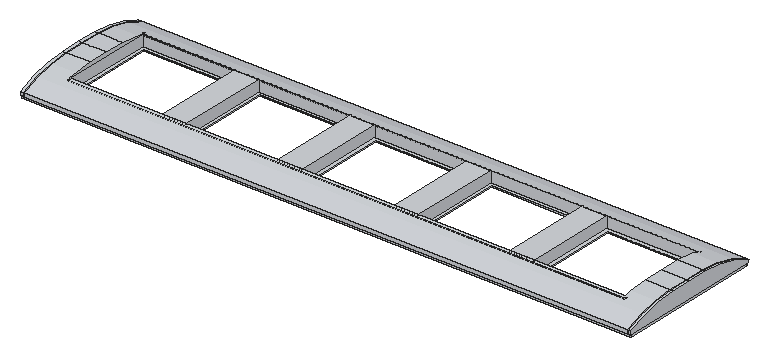
Revit family "Gira_0215334", category Electrical Fixtures, host Face, Revit 2017
Family settings
  Host = Face
  Maintain Annotation Orientation = No
  Round Connector Dimension = Use Diameter
  Part Type = Normal
  Cut with Voids When Loaded = No
  Shared = No
  Room Calculation Point = No
Parameters (values of type "Abdeckrahmen 5f Zwischenr. RW Gira Event Opak Weiß")
  Werkstoffgüte = "Thermoplast"
  Werkstoff = "Kunststoff"
  URL = "http://katalog.gira.de/de_DE/datenblatt.html?artikelnr=0215334"
  Transparent = "No"
  Textfeld/Beschriftungsfläche = "No"
  Schutzart (IP) = "IP20"
  Region = "DE"
  Oberfläche = "sonstige"
  Name = "Abdeckrahmen 5f Zwischenr. RW Gira Event Opak Weiß"
  Montagerichtung = "horizontal und vertikal"
  Mit Montagerahmen = "No"
  Mit Klappdeckel = "No"
  Manufacturer URL = "https://www.gira.de/"
  Keynote = "Event_Rahmen_5fach"
  HeinzeBIM = "https://bimportal.heinze.de/bim/abdeckrahmen-5f-zwischenr-rw-gira-event-opak-weiss/3b5b4f8adca940cb240f8977ca9ee91a15884096"
  Halogenfrei = "Yes"
  HAN = "0215334"
  Geeignet für Unterputz-Installation = "Yes"
  Geeignet für Unterflurkanaldose = "No"
  Geeignet für Geräteeinbaukanal = "No"
  Geeignet für Einbauinstallation = "No"
  GTIN = "4010337074410"
  Farbe = "weiß"
  Default Elevation = 1219.2 mm
  Data sheet (1) = "https://katalog.gira.de/de_DE/download.html?artikelnr=0215334"
  Category = "Abdeckrahmen"
  Befestigungsart = "Klemmbefestigung"
  Available = "Yes"
  Anzahl der Einheiten vertikal = "5 "
  Anzahl der Einheiten horizontal = "5 "
  Anzahl der Einheiten = "5 "
Reference planes
  plane 1 "Center (Front/Back)": y = 0
  plane 2: z = 0
  plane 3 "Center (Left/Right)": x = 0
Forms (mm)
  Extrusion 1, solid, detail levels fine
    sketch origin (0, 0, 0.05) x (0, 1, 0) y (0, 0, 1)
      loop
        arc (12.445, 9.683) -> (6.223, 9.833) -> (0, 9.85) r 291.636
        arc (0, 9.85) -> (-6.223, 9.833) -> (-12.445, 9.683) r 291.636
        arc (-12.445, 9.683) -> (-29.14, 7.482) -> (-45, 1.823) r 79.728
        line (-45, 1.823) -> (-45, -0.05) -> (-42.086, -0.05)
        arc (-42.086, -0.05) -> (-21.385, 5.559) -> (0, 7.206) r 114.424
        arc (0, 7.206) -> (21.385, 5.559) -> (42.086, -0.05) r 114.424
        line (42.086, -0.05) -> (45, -0.05) -> (45, 1.823)
        arc (45, 1.823) -> (29.14, 7.482) -> (12.445, 9.683) r 79.728
    from -185.578 to 185.593
  Extrusion 2, void, detail levels fine
    sketch origin (0, 0, 0) x (1, 0, 0) y (0, 1, 0)
      loop
        line (170.607, 28) -> (-170.593, 28) -> (-170.593, -28) -> (170.607, -28) -> (170.607, 28)
    from 0.724 to 11
  Extrusion 3, solid, detail levels coarse
    sketch origin (0, 0, 0) x (1, 0, 0) y (0, 1, 0)
      loop
        line (-187.578, 45) -> (-187.578, -45) -> (187.593, -45) -> (187.593, 45) -> (-187.578, 45)
    from -1.5 to 9.9
  Extrusion 4, solid, detail levels medium
    sketch origin (0, 0, 0.05) x (0, 1, 0) y (0, 0, 1)
      loop
        arc (12.445, 9.683) -> (6.223, 9.833) -> (0, 9.85) r 291.636
        arc (0, 9.85) -> (-6.223, 9.833) -> (-12.445, 9.683) r 291.636
        arc (-12.445, 9.683) -> (-29.14, 7.482) -> (-45, 1.823) r 79.728
        line (-45, 1.823) -> (-45, -0.05) -> (45, -0.05) -> (45, 1.823)
        arc (45, 1.823) -> (29.14, 7.482) -> (12.445, 9.683) r 79.728
    from -187.578 to 187.593
  Extrusion 5, solid, detail levels fine
    sketch origin (-142.578, 0, -1.5) x (0, 1, 0) y (0, 0, -1)
      loop
        line (45, -3.373) -> (45, -1.5) -> (-45, -1.5) -> (-45, -3.373)
        arc (-45, -3.373) -> (-29.14, -9.032) -> (-12.445, -11.233) r 79.728
        arc (-12.445, -11.233) -> (-6.223, -11.383) -> (0, -11.4) r 291.636
        arc (0, -11.4) -> (6.223, -11.383) -> (12.445, -11.233) r 291.636
        arc (12.445, -11.233) -> (29.14, -9.032) -> (45, -3.373) r 79.728
    from 43 to 45
  Extrusion 6, solid, detail levels fine
    sketch origin (0, 0, 0) x (1, 0, 0) y (0, 1, 0)
      loop
        line (-168.493, 25.7) -> (-168.493, -25.7) -> (-116.693, -25.7) -> (-116.693, 25.7) -> (-168.493, 25.7)
      loop
        line (-45.398, -25.7) -> (-45.398, 25.7) -> (-97.198, 25.7) -> (-97.198, -25.7) -> (-45.398, -25.7)
      loop
        line (-171.487, 28.49) -> (-171.487, -28.495)
        spline (-171.487, -28.495) -> (-171.479, -28.625) -> (-171.453, -28.754) -> (-171.411, -28.878) -> (-171.353, -28.995) -> (-171.281, -29.104) -> (-171.194, -29.202) -> (-171.096, -29.288) -> (-170.987, -29.361) -> (-170.87, -29.419) -> (-170.746, -29.461) -> (-170.618, -29.486) -> (-170.487, -29.495)
        line (-170.487, -29.495) -> (170.502, -29.495)
        spline (170.502, -29.495) -> (170.633, -29.486) -> (170.761, -29.461) -> (170.885, -29.419) -> (171.002, -29.361) -> (171.111, -29.288) -> (171.209, -29.202) -> (171.296, -29.104) -> (171.368, -28.995) -> (171.426, -28.878) -> (171.468, -28.754) -> (171.494, -28.625) -> (171.502, -28.495)
        line (171.502, -28.495) -> (171.502, 28.49)
        spline (171.502, 28.49) -> (171.494, 28.62) -> (171.468, 28.748) -> (171.426, 28.872) -> (171.368, 28.99) -> (171.296, 29.098) -> (171.209, 29.197) -> (171.111, 29.283) -> (171.002, 29.356) -> (170.885, 29.413) -> (170.761, 29.456) -> (170.633, 29.481) -> (170.502, 29.49)
        line (170.502, 29.49) -> (-170.487, 29.49)
        spline (-170.487, 29.49) -> (-170.618, 29.481) -> (-170.746, 29.456) -> (-170.87, 29.413) -> (-170.987, 29.356) -> (-171.096, 29.283) -> (-171.194, 29.197) -> (-171.281, 29.098) -> (-171.353, 28.99) -> (-171.411, 28.872) -> (-171.453, 28.748) -> (-171.479, 28.62) -> (-171.487, 28.49)
      loop
        line (25.902, -25.7) -> (25.902, 25.7) -> (-25.898, 25.7) -> (-25.898, -25.7) -> (25.902, -25.7)
      loop
        line (97.207, -25.7) -> (97.207, 25.7) -> (45.407, 25.7) -> (45.407, -25.7) -> (97.207, -25.7)
      loop
        line (168.507, -25.7) -> (168.507, 25.7) -> (116.707, 25.7) -> (116.707, -25.7) -> (168.507, -25.7)
    from 0.1 to 7.3
  Extrusion 7, solid
    sketch origin (0, 0, 0) x (1, 0, 0) y (0, 1, 0)
      loop
        arc (-187.293, -44.218) -> (-187.146, -44.572) -> (-186.793, -44.718) r 0.5
        line (-186.793, -44.718) -> (186.807, -44.718)
        arc (186.807, -44.718) -> (187.161, -44.572) -> (187.307, -44.218) r 0.5
        line (187.307, -44.218) -> (187.307, 44.182)
        arc (187.307, 44.182) -> (187.161, 44.535) -> (186.807, 44.682) r 0.5
        line (186.807, 44.682) -> (-186.793, 44.682)
        arc (-186.793, 44.682) -> (-187.146, 44.535) -> (-187.293, 44.182) r 0.5
        line (-187.293, 44.182) -> (-187.293, -44.218)
      loop
        line (-185.593, 42.982) -> (-185.593, -43.018) -> (185.607, -43.018) -> (185.607, 42.982) -> (-185.593, 42.982)
    from -1.5 to 0.5
  Extrusion 8, solid, detail levels fine
    sketch origin (142.593, 0, -1.5) x (0, 1, 0) y (0, 0, 1)
      loop
        arc (45, 3.373) -> (29.14, 9.032) -> (12.445, 11.233) r 79.728
        arc (12.445, 11.233) -> (6.223, 11.383) -> (0, 11.4) r 291.636
        arc (0, 11.4) -> (-6.223, 11.383) -> (-12.445, 11.233) r 291.636
        arc (-12.445, 11.233) -> (-29.14, 9.032) -> (-45, 3.373) r 79.728
        line (-45, 3.373) -> (-45, 1.5) -> (45, 1.5) -> (45, 3.373)
    from 43 to 45
  Extrusion 9, solid, detail levels medium
    sketch origin (0, 0, 0) x (1, 0, 0) y (0, 1, 0)
      loop
        line (-187.293, -44.718) -> (187.307, -44.718) -> (187.307, 44.682) -> (-187.293, 44.682) -> (-187.293, -44.718)
    from -1.5 to 0.5
  Extrusion 10, solid, detail levels fine
    sketch origin (-105.5, 0, 0) x (1, 0, 0) y (0, 1, 0)
      loop
        line (-8.943, 28.063) -> (-8.943, -27.937) -> (6.057, -27.937) -> (6.057, 28.063) -> (-8.943, 28.063)
    from 0.724 to 7.566
  Extrusion 11, solid, detail levels fine
    sketch origin (-37.085, 0, 0) x (-1, 0, 0) y (0, -1, 0)
      loop
        line (-8.943, -28.063) -> (6.057, -28.063) -> (6.057, 27.937) -> (-8.943, 27.937) -> (-8.943, -28.063)
    from 0.724 to 7.566
  Extrusion 12, solid, detail levels fine
    sketch origin (105.5, 0, 0) x (-1, 0, 0) y (0, -1, 0)
      loop
        line (-8.943, -28.063) -> (6.057, -28.063) -> (6.057, 27.937) -> (-8.943, 27.937) -> (-8.943, -28.063)
    from 0.724 to 7.566
  Extrusion 13, solid, detail levels fine
    sketch origin (37.085, 0, 0) x (1, 0, 0) y (0, 1, 0)
      loop
        line (-8.943, 28.063) -> (-8.943, -27.937) -> (6.057, -27.937) -> (6.057, 28.063) -> (-8.943, 28.063)
    from 0.724 to 7.566
Cuts and joins
  Extrusion 2 cuts Extrusion 1
  Extrusion 2 cuts Extrusion 6
Dimensions and locks
  aligned and locked: plane 2 to host face
  aligned and locked: level to host face
